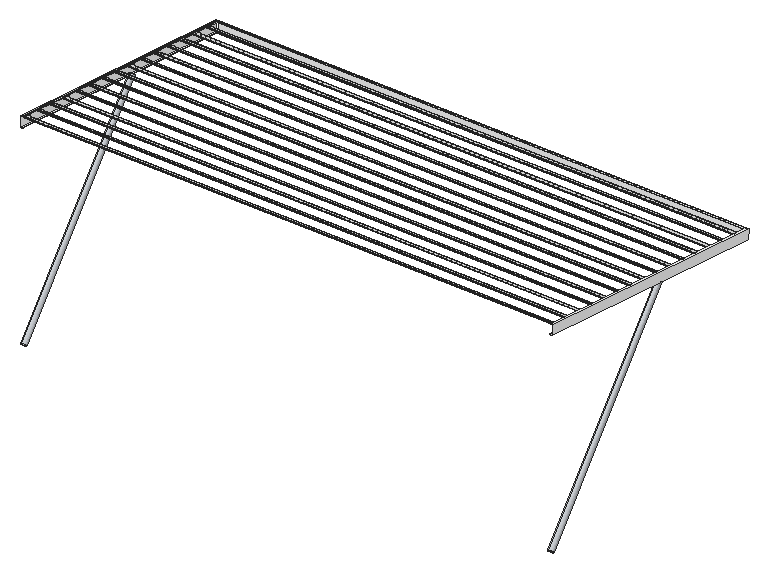
Revit family "GEN_A3-SunshieldSunset", category Generic Models, host Wall, Revit 2015
Parameters (values of type "Sunshieldsunset")
  Assembly Code = ""
Types (2): name
  Type 1
  Sunshieldsunset
Reference planes
  plane 1 "Wall": y = 0
  plane 2 "Center (Left/Right)": x = 125
  plane 3 "Back": y = 75
  plane 4 "LEFT": x = -3102
  plane 5 "RIGHT": x = 3352
  plane 6 "LOUVRE FIX PLANE": y = 75
  plane 7 "Louvre Fix Height": z = 2500
  plane 8: y = 1675
  plane 9: y = 1475
  plane 10: y = 1275
  plane 11: y = 1075
  plane 12: y = 875
  plane 13: y = 675
  plane 14: y = 475
  plane 15: y = 275
  plane 16 "Sunsheild Front Face": y = 1675
  plane 17 "Symbol": z = 1400
  plane 18: y = 1675
  plane 19: y = 1875
  plane 20: y = 2075
  plane 21: y = 2275
  plane 22: y = 2475
  plane 23: y = 2675
  plane 24: y = 2875
  plane 25: y = 3075
Forms (mm)
  Sweep 1, solid, material "Aluminium"
    path origin (0, 75, 0) x (-1, 0, 0) y (0, 0, 1)
      loop
        line (-3352, 2500) -> (3102, 2500)
    profile origin (125, 75, 2500) x (0, 0, 1) y (0, 1, 0)
      loop
        arc (-125.902, 176.847) -> (-57.602, 105.958) -> (-14.849, 17.289) r 311.336
        line (-14.849, 17.289) -> (-5.268, 20.153)
        arc (-5.268, 20.153) -> (-51.958, 115.299) -> (-127.059, 190.081) r 321.336
        line (-127.059, 190.081) -> (-125.902, 176.847)
      loop
        line (-260.696, 2965.314) -> (-263.485, 2997.192) -> (-375.011, 2987.435) -> (-372.222, 2955.557) -> (-370.277, 2955.727) -> (-372.892, 2985.613) -> (-265.255, 2995.03) -> (-262.64, 2965.144) -> (-260.696, 2965.314)
      loop
        arc (-143.333, 376.086) -> (-75.034, 305.197) -> (-32.28, 216.528) r 311.336
        line (-32.28, 216.528) -> (-22.699, 219.392)
        arc (-22.699, 219.392) -> (-69.389, 314.538) -> (-144.491, 389.32) r 321.336
        line (-144.491, 389.32) -> (-143.333, 376.086)
      loop
        arc (-160.764, 575.325) -> (-92.465, 504.436) -> (-49.711, 415.767) r 311.336
        line (-49.711, 415.767) -> (-40.13, 418.631)
        arc (-40.13, 418.631) -> (-86.82, 513.777) -> (-161.922, 588.559) r 321.336
        line (-161.922, 588.559) -> (-160.764, 575.325)
      loop
        arc (-178.195, 774.564) -> (-109.896, 703.675) -> (-67.142, 615.006) r 311.336
        line (-67.142, 615.006) -> (-57.562, 617.87)
        arc (-57.562, 617.87) -> (-104.251, 713.016) -> (-179.353, 787.798) r 321.336
        line (-179.353, 787.798) -> (-178.195, 774.564)
      loop
        arc (-195.626, 973.803) -> (-127.327, 902.913) -> (-84.574, 814.245) r 311.336
        line (-84.574, 814.245) -> (-74.993, 817.109)
        arc (-74.993, 817.109) -> (-121.682, 912.255) -> (-196.784, 987.037) r 321.336
        line (-196.784, 987.037) -> (-195.626, 973.803)
      loop
        arc (-213.057, 1173.041) -> (-144.758, 1102.152) -> (-102.005, 1013.484) r 311.336
        line (-102.005, 1013.484) -> (-92.424, 1016.348)
        arc (-92.424, 1016.348) -> (-139.114, 1111.494) -> (-214.215, 1186.276) r 321.336
        line (-214.215, 1186.276) -> (-213.057, 1173.041)
      loop
        arc (-230.489, 1372.28) -> (-162.189, 1301.391) -> (-119.436, 1212.722) r 311.336
        line (-119.436, 1212.722) -> (-109.855, 1215.587)
        arc (-109.855, 1215.587) -> (-156.545, 1310.733) -> (-231.646, 1385.515) r 321.336
        line (-231.646, 1385.515) -> (-230.489, 1372.28)
      loop
        arc (-370.271, 2969.997) -> (-301.971, 2899.108) -> (-259.218, 2810.439) r 311.336
        line (-259.218, 2810.439) -> (-249.637, 2813.304)
        arc (-249.637, 2813.304) -> (-296.327, 2908.449) -> (-371.428, 2983.231) r 321.336
        line (-371.428, 2983.231) -> (-370.271, 2969.997)
      loop
        arc (-247.92, 1571.519) -> (-179.621, 1500.63) -> (-136.867, 1411.961) r 311.336
        line (-136.867, 1411.961) -> (-127.286, 1414.826)
        arc (-127.286, 1414.826) -> (-173.976, 1509.972) -> (-249.078, 1584.754) r 321.336
        line (-249.078, 1584.754) -> (-247.92, 1571.519)
      loop
        arc (-352.839, 2770.758) -> (-284.54, 2699.869) -> (-241.787, 2611.2) r 311.336
        line (-241.787, 2611.2) -> (-232.206, 2614.065)
        arc (-232.206, 2614.065) -> (-278.896, 2709.211) -> (-353.997, 2783.992) r 321.336
        line (-353.997, 2783.992) -> (-352.839, 2770.758)
      loop
        arc (-265.417, 1771.519) -> (-197.118, 1700.63) -> (-154.365, 1611.961) r 311.336
        line (-154.365, 1611.961) -> (-144.784, 1614.826)
        arc (-144.784, 1614.826) -> (-191.474, 1709.972) -> (-266.575, 1784.754) r 321.336
        line (-266.575, 1784.754) -> (-265.417, 1771.519)
      loop
        arc (-282.915, 1971.519) -> (-214.616, 1900.63) -> (-171.863, 1811.961) r 311.336
        line (-171.863, 1811.961) -> (-162.282, 1814.826)
        arc (-162.282, 1814.826) -> (-208.971, 1909.972) -> (-284.073, 1984.754) r 321.336
        line (-284.073, 1984.754) -> (-282.915, 1971.519)
      loop
        arc (-300.413, 2171.519) -> (-232.114, 2100.63) -> (-189.36, 2011.961) r 311.336
        line (-189.36, 2011.961) -> (-179.779, 2014.826)
        arc (-179.779, 2014.826) -> (-226.469, 2109.972) -> (-301.571, 2184.754) r 321.336
        line (-301.571, 2184.754) -> (-300.413, 2171.519)
      loop
        arc (-317.911, 2371.519) -> (-249.611, 2300.63) -> (-206.858, 2211.961) r 311.336
        line (-206.858, 2211.961) -> (-197.277, 2214.826)
        arc (-197.277, 2214.826) -> (-243.967, 2309.972) -> (-319.068, 2384.754) r 321.336
        line (-319.068, 2384.754) -> (-317.911, 2371.519)
      loop
        arc (-335.408, 2571.519) -> (-267.109, 2500.63) -> (-224.356, 2411.961) r 311.336
        line (-224.356, 2411.961) -> (-214.775, 2414.826)
        arc (-214.775, 2414.826) -> (-261.464, 2509.972) -> (-336.566, 2584.754) r 321.336
        line (-336.566, 2584.754) -> (-335.408, 2571.519)
  Sweep 2, solid, material "Aluminium"
    path origin (125, 0, 0) x (0, 1, 0) y (0, 0, 1)
      loop
        line (86.725, 2629.476) -> (3075.309, 2368.008)
    profile origin (125, 1581.017, 2498.742) x (0, 0.087156, 0.996195) y (1, 0, 0)
      loop
        line (-131.25, 3227) -> (-131.25, 3259) -> (-243.202, 3259) -> (-243.202, 3227) -> (-241.25, 3227) -> (-241.25, 3257) -> (-133.202, 3257) -> (-133.202, 3227) -> (-131.25, 3227)
      loop
        line (-131.75, -3227) -> (-133.702, -3227) -> (-133.702, -3257) -> (-241.75, -3257) -> (-241.75, -3227) -> (-243.702, -3227) -> (-243.702, -3259) -> (-131.75, -3259) -> (-131.75, -3227)
  Sweep 3, solid
    path origin (-3102, 0, 0) x (0, 1, 0) y (0, 0, 1)
      loop
        line (1733.698, 2240.751) -> (75, 0)
    profile origin (-3102, 904.349, 1120.375) x (0, 0.803749, -0.594969) y (1, 0, 0)
      loop
        circle (0, 0) r 30
      loop
        circle (0, 6454) r 30
Cuts and joins
  joined: Sweep 1, Sweep 2
Lines and regions (mm)
  symbolic lines, not visible
    curve 1: line (-1077.866, 1742.286, 0) -> (1326, 1742.286, 0)
    curve 2: line (-1077.866, 137.286, 0) -> (-1077.866, 1742.286, 0)
    curve 3: line (1326, 137.286, 0) -> (-1077.866, 137.286, 0)
    curve 4: line (1326, 1742.286, 0) -> (1326, 137.286, 0)
    curve 5: line (1296, 137.286, 0) -> (1296, 1709.786, 0)
    curve 6: line (1296, 1709.786, 0) -> (-1045.866, 1709.786, 0)
    curve 7: line (-1045.866, 1709.786, 0) -> (-1045.866, 137.286, 0)
    curve 8: line (-1045.866, 324.001, 0) -> (1296, 324.001, 0)
    curve 9: line (1296, 337.286, 0) -> (-1045.866, 337.286, 0)
    curve 10: line (-1045.866, 357.39, 0) -> (1296, 357.39, 0)
    curve 11: line (-1045.866, 524.001, 0) -> (1296, 524.001, 0)
    curve 12: line (1296, 537.286, 0) -> (-1045.866, 537.286, 0)
    curve 13: line (-1045.866, 557.39, 0) -> (1296, 557.39, 0)
    curve 14: line (-1045.866, 724.001, 0) -> (1296, 724.001, 0)
    curve 15: line (1296, 737.286, 0) -> (-1045.866, 737.286, 0)
    curve 16: line (-1045.866, 757.39, 0) -> (1296, 757.39, 0)
    curve 17: line (-1045.866, 924.001, 0) -> (1296, 924.001, 0)
    curve 18: line (1296, 937.286, 0) -> (-1045.866, 937.286, 0)
    curve 19: line (-1045.866, 957.39, 0) -> (1296, 957.39, 0)
    curve 20: line (-1045.866, 1124.001, 0) -> (1296, 1124.001, 0)
    curve 21: line (1296, 1137.286, 0) -> (-1045.866, 1137.286, 0)
    curve 22: line (-1045.866, 1157.39, 0) -> (1296, 1157.39, 0)
    curve 23: line (-1045.866, 1324.001, 0) -> (1296, 1324.001, 0)
    curve 24: line (1296, 1337.286, 0) -> (-1045.866, 1337.286, 0)
    curve 25: line (-1045.866, 1357.39, 0) -> (1296, 1357.39, 0)
    curve 26: line (-1045.866, 1524.001, 0) -> (1296, 1524.001, 0)
    curve 27: line (1296, 1537.286, 0) -> (-1045.866, 1537.286, 0)
    curve 28: line (-1045.866, 1557.39, 0) -> (1296, 1557.39, 0)
    curve 29: line (-1045.866, 1709.786, 0) -> (1296, 1709.786, 0)
Text (mm)
  text "Placement side" at (-3230.194, 1116.779, 0), in view "Ref. Level"
  text "Placement side" at (0, 1409.804, 2854.306), in view "Left"
  text "Placement side" at (0, 499.811, 2980.732), in view "Right"
Dimensions and locks
  locked: plane 3 "Back" to host wall
  equal spacing: plane 4 "LEFT", plane 2 "Center (Left/Right)", plane 5 "RIGHT"
  plane 4 "LEFT" to plane 5 "RIGHT" = 6454 mm
  locked: plane 7 "Louvre Fix Height" to level at 2500
  locked: plane 16 "Sunsheild Front Face" to plane 6 "LOUVRE FIX PLANE" at 1600
  equal spacing: plane 8, plane 9, plane 10, plane 11, plane 12, plane 13, plane 14, plane 15, profile plane
  equal spacing: plane 5 "RIGHT", plane 2 "Center (Left/Right)", plane 4 "LEFT"
  cut or joined group of Sweep 1, Sweep 2 to level = 2127.178 mm
  aligned and locked: host wall to plane 1 "Wall"
  aligned and locked: plane 16 "Sunsheild Front Face" to plane 8
  aligned and locked: Sweep 1 sketch curve to plane 7 "Louvre Fix Height"
Automatic sketch dimensions
  profile plane to Sweep 2 sketch curve = 243.702 mm
  profile plane to Sweep 2 sketch curve = 243.202 mm
  Sweep 2 sketch curve to Sweep 2 sketch curve = 1.952 mm  (x2)
  profile plane to Sweep 2 sketch curve = 133.202 mm
  profile plane to Sweep 2 sketch curve = 133.702 mm
  profile plane to Sweep 2 sketch curve = 131.75 mm
  profile plane to Sweep 2 sketch curve = 131.25 mm
  Sweep 2 sketch curve to plane 2 "Center (Left/Right)" = 3259 mm
  Sweep 2 sketch curve to Sweep 2 sketch curve = 2 mm  (x2)
  Sweep 2 sketch curve to Sweep 2 sketch curve = 30 mm  (x3)
  plane 2 "Center (Left/Right)" to Sweep 2 sketch curve = 3227 mm
  Sweep 2 sketch curve to Sweep 2 sketch curve = 0 mm
  Sweep 1 sketch curve to plane 5 "RIGHT" = 0 mm
  Sweep 1 sketch curve to plane 4 "LEFT" = 0 mm
  Sweep 2 sketch curve to plane 3 "Back" = 11.725 mm
  Sweep 2 sketch curve to plane 7 "Louvre Fix Height" = 131.992 mm
  plane 16 "Sunsheild Front Face" to Sweep 2 sketch curve = 1400.309 mm
  plane 7 "Louvre Fix Height" to Sweep 2 sketch curve = 129.476 mm
  Sweep 1 sketch curve to Sweep 1 sketch curve = 0 mm  (x30)
  Sweep 1 sketch curve to plane 24 = 78.745 mm
  profile plane to Sweep 1 sketch curve = 557.507 mm
  Sweep 1 sketch curve to plane 23 = 77.984 mm
  Sweep 1 sketch curve to Sweep 1 sketch curve = 17.431 mm  (x9)
  Sweep 1 sketch curve to plane 22 = 77.223 mm
  Sweep 1 sketch curve to plane 21 = 77.223 mm
  Sweep 1 sketch curve to Sweep 1 sketch curve = 17.498 mm  (x5)
  Sweep 1 sketch curve to plane 20 = 77.223 mm
  Sweep 1 sketch curve to plane 19 = 77.223 mm
  Sweep 1 sketch curve to plane 8 = 77.223 mm
  Sweep 1 sketch curve to plane 9 = 77.223 mm
  Sweep 1 sketch curve to plane 10 = 76.462 mm
  Sweep 1 sketch curve to plane 11 = 75.701 mm
  Sweep 1 sketch curve to plane 12 = 74.94 mm
  Sweep 1 sketch curve to plane 25 = 12.565 mm
  Sweep 1 sketch curve to Sweep 1 sketch curve = 182.496 mm
  Sweep 1 sketch curve to plane 25 = 14.387 mm
  Sweep 1 sketch curve to Sweep 1 sketch curve = 2.119 mm
  Sweep 1 sketch curve to plane 25 = 44.443 mm
  Sweep 1 sketch curve to Sweep 1 sketch curve = 0.67 mm
  Sweep 1 sketch curve to plane 25 = 16.769 mm
  Sweep 1 sketch curve to Sweep 1 sketch curve = 1.463 mm
  Sweep 1 sketch curve to plane 25 = 30.003 mm
  Sweep 1 sketch curve to Sweep 1 sketch curve = 1.158 mm  (x15)
  Sweep 1 sketch curve to plane 13 = 74.179 mm
  Sweep 1 sketch curve to plane 24 = 16.008 mm
  Sweep 1 sketch curve to Sweep 1 sketch curve = 16.28 mm
  Sweep 1 sketch curve to plane 24 = 29.242 mm
  Sweep 1 sketch curve to plane 14 = 73.418 mm
  Sweep 1 sketch curve to plane 23 = 15.246 mm
  Sweep 1 sketch curve to Sweep 1 sketch curve = 16.273 mm  (x4)
  Sweep 1 sketch curve to plane 15 = 72.657 mm
  Sweep 1 sketch curve to plane 22 = 15.246 mm
  Sweep 1 sketch curve to Sweep 1 sketch curve = 16.34 mm  (x5)
  Sweep 1 sketch curve to plane 6 "LOUVRE FIX PLANE" = 71.895 mm
  Sweep 1 sketch curve to plane 21 = 15.246 mm
  Sweep 1 sketch curve to plane 21 = 28.481 mm
  Sweep 1 sketch curve to plane 20 = 15.246 mm
  Sweep 1 sketch curve to plane 19 = 15.246 mm
  Sweep 1 sketch curve to plane 25 = 4.97 mm
  Sweep 1 sketch curve to plane 25 = 2.808 mm
  Sweep 1 sketch curve to plane 25 = 34.856 mm
  plane 24 to Sweep 1 sketch curve = 10.439 mm
  plane 24 to Sweep 1 sketch curve = 13.304 mm
  Sweep 1 sketch curve to plane 8 = 15.246 mm
  Sweep 1 sketch curve to plane 8 = 28.481 mm
  plane 23 to Sweep 1 sketch curve = 11.2 mm
  Sweep 1 sketch curve to Sweep 1 sketch curve = 9.581 mm  (x6)
  Sweep 1 sketch curve to plane 9 = 14.485 mm
  Sweep 1 sketch curve to plane 9 = 27.72 mm
  plane 22 to Sweep 1 sketch curve = 11.961 mm
  Sweep 1 sketch curve to Sweep 1 sketch curve = 94.713 mm  (x4)
  plane 22 to Sweep 1 sketch curve = 14.826 mm
  Sweep 1 sketch curve to plane 10 = 13.724 mm
  Sweep 1 sketch curve to plane 10 = 26.959 mm
  plane 21 to Sweep 1 sketch curve = 11.961 mm
  Sweep 1 sketch curve to plane 11 = 12.963 mm
  Sweep 1 sketch curve to plane 11 = 26.197 mm
  plane 20 to Sweep 1 sketch curve = 11.961 mm
  plane 20 to Sweep 1 sketch curve = 14.826 mm
  Sweep 1 sketch curve to plane 12 = 12.202 mm
  profile plane to Sweep 1 sketch curve = 179.353 mm
  plane 19 to Sweep 1 sketch curve = 11.961 mm
  plane 19 to Sweep 1 sketch curve = 14.826 mm
  Sweep 1 sketch curve to plane 13 = 11.441 mm
  profile plane to Sweep 1 sketch curve = 161.922 mm
  plane 8 to Sweep 1 sketch curve = 11.961 mm
  plane 8 to Sweep 1 sketch curve = 14.826 mm
  Sweep 1 sketch curve to plane 14 = 10.68 mm
  profile plane to Sweep 1 sketch curve = 144.491 mm
  plane 9 to Sweep 1 sketch curve = 11.961 mm
  plane 9 to Sweep 1 sketch curve = 14.826 mm
  Sweep 1 sketch curve to plane 15 = 9.919 mm
  profile plane to Sweep 1 sketch curve = 127.059 mm
  Sweep 1 sketch curve to plane 15 = 23.153 mm
  plane 10 to Sweep 1 sketch curve = 12.722 mm
  plane 11 to Sweep 1 sketch curve = 13.484 mm
  plane 12 to Sweep 1 sketch curve = 14.245 mm
  plane 12 to Sweep 1 sketch curve = 17.109 mm
  plane 13 to Sweep 1 sketch curve = 15.006 mm
  profile plane to Sweep 1 sketch curve = 67.142 mm
  plane 13 to Sweep 1 sketch curve = 17.87 mm
  plane 14 to Sweep 1 sketch curve = 15.767 mm
  profile plane to Sweep 1 sketch curve = 49.711 mm
  profile plane to Sweep 1 sketch curve = 32.28 mm
  profile plane to Sweep 1 sketch curve = 14.849 mm
  profile plane to Sweep 1 sketch curve = 5.268 mm
  Sweep 1 sketch curve to Sweep 1 sketch curve = 2.865 mm
  Sweep 3 sketch curve to level = 0 mm
  Sweep 3 sketch curve to plane 3 "Back" = 0 mm
  plane 16 "Sunsheild Front Face" to Sweep 3 sketch curve = 58.698 mm
  Sweep 3 sketch curve to plane 7 "Louvre Fix Height" = 259.249 mm
  Sweep 3 sketch curve to profile plane = 0 mm  (x2)
  Sweep 3 sketch curve to plane 4 "LEFT" = 0 mm
  plane 4 "LEFT" to Sweep 3 sketch curve = 6454 mm
  radius of Sweep 3 sketch curve = 30 mm  (x2)
